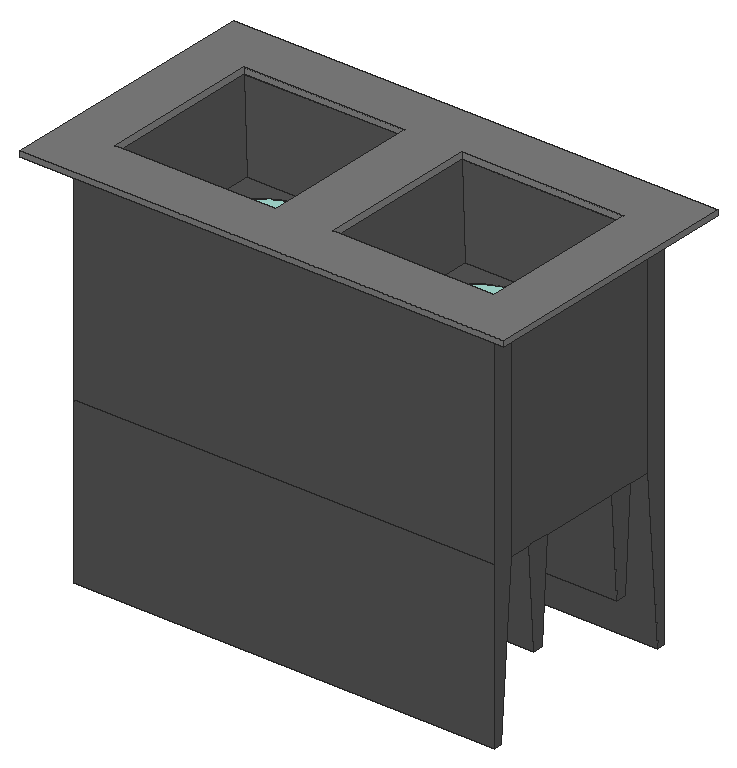
Revit family "Bitpop 2.1A", category Lighting Fixtures, host Face, Revit 2017
Family settings
  Host = Face
  Round Connector Dimension = Use Diameter
  Part Type = Normal
  Cut with Voids When Loaded = Yes
  Light Source = Yes
  Shared = No
  Room Calculation Point = Yes
Parameters (values of type "Bitpop 2.1_ F 30° (3000K 15W 230Vac)")
  Wiring = "-"
  Width mm = 49 mm
  Weight kg = "0.35"
  Wattage = 6.46282 W
  built-in parameter 1150110 = 1 (stored number, unit not read)
  Voltage = 230 V
  URL Technical sheet = "https://www.lucelight.it/media/prodotti/st/ST_BITPOP_21.pdf"
  URL Image = "https://www.lucelight.it/media/prodotti/foto/bitpop_2.1_still.jpg"
  URL IES Photometric file = "https://www.lucelight.it/media/prodotti/fotometrie/bitpop_2.1_ies.zip"
  URL General code = "https://www.lucelight.it/en/prodotto.php/106930#a-generacodice"
  URL Description = "https://www.lucelight.it/en/capitolato.php/106930"
  URL DXF = "https://www.lucelight.it/media/prodotti/dxf/bitpop_2.1.dxf"
  URL Catalogue = "https://www.lucelight.it/media/prodotti/brochure/bitpop_brochure_en.pdf"
  URL Accessories and power supply units = "https://www.lucelight.it/en/prodotto.php/106930#a-scheda-accessori"
  URL = "https://www.lucelight.it/en/prodotto.php/106930"
  built-in parameter 1114217 = 1 (stored number, unit not read)
  Tilt Angle = 90.00°
  built-in parameter 1150109 = 1 (stored number, unit not read)
  built-in parameter 1150134 = (empty or 0)
  built-in parameter 1150113 = 1 (stored number, unit not read)
  Photometric Web File = "BITPOP 2.1 F 30° [3000K 15W 230Vac].IES"
  Model = "Bitpop 2.1"
  Manufacturer = "L&L Luce&Light"
  built-in parameter 1150105 = 76.394 (stored number, unit not read)
  Lumens = 960 lm
  built-in parameter 1150115 = 1 (stored number, unit not read)
  built-in parameter 1150137 = (empty or 0)
  built-in parameter 1150139 = (empty or 0)
  built-in parameter 1150112 = 1 (stored number, unit not read)
  built-in parameter 1150114 = 1 (stored number, unit not read)
  built-in parameter 1150132 = 2
  built-in parameter 1150102 = (empty or 0)
  built-in parameter 1150107 = 3000 (stored number, unit not read)
  built-in parameter 1150138 = (empty or 0)
  built-in parameter 1150106 = 0.76394 (stored number, unit not read)
  Geometry = Bitpop2.1_mod : Bitpop 2.1
  Trim = L&L_Steel
  Power supply unit = "included and wired"
  Power supply = "230Vac"
  Power cables = "includes 0.30 m cable"
  Power = "15W (also available: 10W - ref. URL Technical sheet)"
  Optics = "30°"
  Notes = "ceiling-mounted version Bitpop C"
  No. and type of led = "2 high-intensity power LEDs"
  Mounting = "recessed (ceiling: flush or deep set)"
  Material = "body in black anodized aluminium trim in steel"
  Lumen output at source = "700 lm (3000K, 10W); 960 lm (3000K, 15W)"
  Lens = L&L_Lens
  Length mm = 89 mm
  LED Colour = "3000K (also available: 2700K and 4000K - ref. URL Technical sheet)"
  IP = "40; 44 installed"
  Height void = 42 mm
  Length void = 83 mm
  Width void = 42 mm
  Height mm = 71 mm
  Features = "UGR < 10 for 17° and 30° optics"
  Energy efficiency class = "A A+ A++"
  Emit from Line Length = 609.6 mm
  built-in parameter 1150104 = 13.8 (stored number, unit not read)
  Dimming Lamp Color Temperature Shift = <None>
  Description = "Indoor recessed"
  Delivered lumen output = "496 lm (3000K, 30°, 10W); 670 lm (3000K, 30°, 15W)"
  Default Elevation = 1219.2 mm
  Cutout dimensions = "83x42 mm"
  Control system = "on/off; 1-10V + PUSH; DALI + PUSH"
  Contact = "T: +39 0444 360571; E: lucelight@lucelight.it"
  Company = "L&L Luce&Light"
  Color Filter = 16777215
  Code = "BP2110 B White; BP2110 N Black; BP2111 B White; BP2111 N Black"
  CRI = "90 (also available: CRI 80 - ref. URL Technical sheet)"
  Body = L&L_Black anodized aluminium
  built-in parameter 1114218 = 1 (stored number, unit not read)
  built-in parameter 1150133 = 10 (stored number, unit not read)
  Apparent Load Phase 1 = 15 W
Types (8, lengths in mm): name | Photometric Web File | Model | Geometry | Optics | LED Colour | Length void | Width void
  Bitpop 2.1_ F 30° (3000K 15W 230Vac) | "BITPOP 2.1 F 30° [3000K 15W 230Vac].IES" | "Bitpop 2.1" | Bitpop2.1_mod : Bitpop 2.1 | "30°" | "3000K (also available: 2700K and 4000K - ref. URL Technical sheet)" | 83 | 42
  Bitpop 2.1_ L 42° (3000K 15W 230Vac) | "BITPOP 2.1 L 42° [3000K 15W 230Vac].IES" | "Bitpop 2.1" | Bitpop2.1_mod : Bitpop 2.1 | "42°" | "3000K (also available: 2700K and 4000K - ref. URL Technical sheet)" | 83 | 42
  Bitpop 2.1_ S 17° (3000K 15W 230Vac) | "BITPOP 2.1 S 17° [3000K 15W 230Vac].IES" | "Bitpop 2.1" | Bitpop2.1_mod : Bitpop 2.1 | "17°" | "3000K (also available: 2700K and 4000K - ref. URL Technical sheet)" | 83 | 42
  Bitpop 2.1_ W 17°x45° (3000K 15W 230Vac) | "BITPOP 2.1 W 17°x45° [3000K 15W 230Vac].IES" | "Bitpop 2.1" | Bitpop2.1_mod : Bitpop 2.1 | "17°x45°" | "3000K (also available: 2700K and 4000K - ref. URL Technical sheet)" | 83 | 42
  Bitpop 2.1_Recessed_ F 30° (3000K 15W 230Vac) | "BITPOP 2.1 F 30° [3000K 15W 230Vac].IES" | "Bitpop 2.1_Recessed" | Bitpop2.1_Recessed_mod : Bitpop 2.1 recessed | "30°" | "3000K (also available: 2700K and 4000K - ref. URL Technical sheet)" | 93 | 53
  Bitpop 2.1_Recessed_ L 42° (3000K 15W 230Vac) | "BITPOP 2.1 L 42° [3000K 15W 230Vac].IES" | "Bitpop 2.1_Recessed" | Bitpop2.1_Recessed_mod : Bitpop 2.1 recessed | "42°" | "3000K (also available: 2700K and 4000K - ref. URL Technical sheet)" | 93 | 53
  Bitpop 2.1_Recessed_ S 17° (3000K 15W 230Vac) | "BITPOP 2.1 S 17° [3000K 15W 230Vac].IES" | "Bitpop 2.1_Recessed" | Bitpop2.1_Recessed_mod : Bitpop 2.1 recessed | "17°" | "3000K (also available: 2700K and 4000K - ref. URL Technical sheet)" | 93 | 53
  Bitpop 2.1_Recessed_ W 17°x45° (3000K 15W 230Vac) | "BITPOP 2.1 W 17°x45° [3000K 15W 230Vac].IES" | "Bitpop 2.1_Recessed" | Bitpop2.1_Recessed_mod : Bitpop 2.1 recessed | "17°x45°" | "3000K (also available: 2700K and 4000K - ref. URL Technical sheet)" | 93 | 53
Reference planes
  plane 1 "Center (Front/Back)": y = 0
  plane 2: z = 0
  plane 3 "Center (Left/Right)": x = 0
  plane 4: x = -41.5
  plane 5: x = 41.5
  plane 6: y = 21
  plane 7: y = -21
  plane 8: z = -42
Forms (mm)
  Extrusion 1, void
    sketch origin (-11.1, 1.1, 0) x (1, 0, 0) y (0, 1, 0)
      loop
        line (-30.4, 19.9) -> (-30.4, -22.1) -> (52.6, -22.1) -> (52.6, 19.9) -> (-30.4, 19.9)
    from 0 to -42
Dimensions and locks
  "Length void": plane 4 to plane 5
  "Width void": plane 7 to plane 6
  "Height void": plane 8 to plane 2
  equal spacing: plane 4, plane 3 "Center (Left/Right)", plane 5
  equal spacing: plane 7, plane 1 "Center (Front/Back)", plane 6
  aligned and locked: plane 2 to host face
  aligned and locked: level to host face
  aligned and locked: plane 2 to Extrusion 1
  aligned and locked: plane 8 to Extrusion 1
  aligned and locked: Extrusion 1 to plane 6
  aligned and locked: plane 7 to Extrusion 1
  aligned and locked: Extrusion 1 to plane 4
  aligned and locked: plane 5 to Extrusion 1
Automatic sketch dimensions
  host sketch curve to host sketch curve = 2438.4 mm  (x2)
  Extrusion 1 sketch curve to plane 4 = 0 mm
  Extrusion 1 sketch curve to plane 7 = 0 mm
  Extrusion 1 sketch curve to plane 6 = 0 mm
  Extrusion 1 sketch curve to plane 5 = 0 mm
Nested families
  nested 1: "Bitpop2.1_mod" at (-44.5, 0, -70), type <- "Geometry", type "Bitpop 2.1"
Connectors
  electrical at (0, 0, 0), driven by "Voltage", driven by "Apparent Load Phase 1"
    settings: index 1, voltage 230 V, apparent load 0 VA, apparent load phase1 15 VA, apparent load phase2 0 VA, apparent load phase3 0 VA, power factor 1, load classification "Other", number of poles 1, system type 31, power factor state 1, is connector primary yes, connector utility no, sub classification motor no, connector description ""
Definition of nested family "Bitpop2.1_mod"
  Parameters (values of type "Bitpop 2.1")
    Wings length 1.2 = 93 mm
    Wings 1.1 = no
    Wings 1.0 = yes
    Width box = 39 mm
    Width = 49 mm
    Void Offset y = 3.5 mm
    Trim = none
    Offset Void = 1 mm
    Offset = 5.8 mm
    N° Copies = 2
    Light source position 2 = 928 mm
    Light Source Position = 929 mm
    Lens = none
    Length wings 1.1 = 52 mm
    Length Wings = 77.4 mm
    External box = no
    Center position = 400 mm - Length cover plate / 2  # 355.5 mm
    Length cover plate = 89 mm
    Default Elevation = 1219.2 mm
    Body = none
  Reference planes
    plane 1 "Light Source Axis (F/B)": y = 0
    plane 2: z = 0
    plane 3: x = 0
    plane 4 "Light Source Elevation": z = 71
    plane 5: x = -400
    plane 6: z = 1000
    plane 7: y = 24.5
    plane 8: y = -24.5
    plane 9: x = 89
    plane 10: y = 19.5
    plane 11: y = -19.5
    plane 12: x = 5.8
    plane 13: x = 83.2
    plane 14 "Light Source Axis (L/R)": x = 44.5
    plane 15: x = -84.1
    plane 16: x = 5
    plane 17: x = 3.967
    plane 18: x = 84
    plane 19: x = 84.965
    plane 20: z = 70
    plane 21: z = 55
    plane 22: z = 54
    plane 23: z = 57.889
    plane 24: z = 50.979
    plane 25: z = 29.6
    plane 26: z = 72
  Forms (mm)
    Extrusion 1, solid, material <- "Trim", detail levels medium+fine
      sketch origin (0, 0, 0) x (1, 0, 0) y (0, 1, 0)
        loop
          line (0, 24.5) -> (0, -24.5) -> (89, -24.5) -> (89, 24.5) -> (0, 24.5)
      from 70 to 71
    Extrusion 2, solid, material <- "Body", detail levels medium+fine
      sketch origin (1, -6.552, 71) x (0, -1, 0) y (0, 0, 1)
        loop
          line (12.948, -1) -> (-26.052, -1) -> (-26.052, -41.4) -> (12.948, -41.4) -> (12.948, -1)
      from -82.2 to -4.8
    Extrusion 3, solid, material <- "Body", detail levels fine
      sketch origin (2, -7.152, -67.409) x (0, -1, 0) y (0, 0, 1)
        loop
          line (-26.652, 97.309) -> (-26.652, 67.04) -> (-25.152, 67.04) -> (-22.997, 97.009) -> (-22.997, 137.409) -> (-26.652, 137.409) -> (-26.652, 97.309)
      from -81.2 to -3.8
    Extrusion 4, solid, material <- "Body", detail levels fine
      sketch origin (18.9, -6.552, 71) x (0, -1, 0) y (0, 0, 1)
        loop
          line (-15.123, -59.404) -> (-14.052, -41.4) -> (-18.094, -41.4) -> (-16.929, -59.404) -> (-15.123, -59.404)
      from -64.3 to 13.1
    Extrusion 5, solid, material <- "Body", detail levels fine
      sketch origin (18.9, 6.552, 71) x (0, 1, 0) y (0, 0, -1)
        loop
          line (-15.123, 59.404) -> (-16.929, 59.404) -> (-18.094, 41.4) -> (-14.052, 41.4) -> (-15.123, 59.404)
      from -64.3 to 13.1
    Blend 6, void
      base sketch origin (0, 0, 0) x (1, 0, 0) y (0, 1, 0)
        loop
          line (9.671, 14.83) -> (9.671, -14.829) -> (39.33, -14.829) -> (39.33, 14.83) -> (9.671, 14.83)
      top sketch origin (0, 0, 0) x (1, 0, 0) y (0, 1, 0)
        loop
          line (12.387, 12.113) -> (12.387, -12.114) -> (36.614, -12.114) -> (36.614, 12.113) -> (12.387, 12.113)
      from 71 to 55
    Blend 7, void
      base sketch origin (40.1, 0, 0) x (1, 0, 0) y (0, 1, 0)
        loop
          line (9.671, 14.83) -> (9.671, -14.829) -> (39.33, -14.829) -> (39.33, 14.83) -> (9.671, 14.83)
      top sketch origin (40.1, 0, 0) x (1, 0, 0) y (0, 1, 0)
        loop
          line (12.387, 12.113) -> (12.387, -12.114) -> (36.614, -12.114) -> (36.614, 12.113) -> (12.387, 12.113)
      from 71 to 55
    Extrusion 8, void
      sketch origin (0, 0, 6.842) x (1, 0, 0) y (0, 1, 0)
        loop
          circle (24.5, 0) r 10.7
      from 44.137 to 48.158
    Extrusion 9, void, not visible
      sketch origin (0, 0, 6.842) x (1, 0, 0) y (0, 1, 0)
        loop
          circle (24.5, 0) r 10.7
      from 44.137 to 48.158
    Extrusion 10, void
      sketch origin (40.1, 0, 6.842) x (1, 0, 0) y (0, 1, 0)
        loop
          circle (24.5, 0) r 10.7
      from 44.137 to 48.158
    Extrusion 11, solid, material <- "Lens", detail levels medium+fine
      sketch origin (0, 0, 0) x (1, 0, 0) y (0, 1, 0)
        loop
          circle (24.5, 0) r 10.7
      from 54 to 55
    Extrusion 12, solid, material <- "Lens", detail levels medium+fine
      sketch origin (40.1, 0, 0) x (1, 0, 0) y (0, 1, 0)
        loop
          circle (24.5, 0) r 10.7
      from 54 to 55
    Extrusion 13, solid, material <- "Body", detail levels coarse
      sketch origin (0, -125, 0) x (1, 0, 0) y (0, 1, 0)
        loop
          line (0, 149.5) -> (0, 100.5) -> (89, 100.5) -> (89, 149.5) -> (0, 149.5)
      from 0 to 72
    Extrusion 14, solid, material <- "Body", detail levels medium
      sketch origin (0, 0, 0) x (1, 0, 0) y (0, 1, 0)
        loop
          line (5.8, 19.5) -> (5.8, -19.5) -> (83.2, -19.5) -> (83.2, 19.5) -> (5.8, 19.5)
      from 0 to 29.6
    Extrusion 15, solid, material <- "Body", detail levels fine
      sketch origin (2, 7.152, -67.409) x (0, 1, 0) y (0, 0, -1)
        loop
          line (-26.652, -97.309) -> (-26.652, -137.409) -> (-22.997, -137.409) -> (-22.997, -97.009) -> (-25.152, -67.04) -> (-26.652, -67.04) -> (-26.652, -97.309)
      from -81.2 to -3.8
  Cuts and joins
    Blend 6, Blend 7 cuts Extrusion 1
    Blend 6, Blend 7, Extrusion 8, Extrusion 10 cuts Extrusion 2
  Dimensions and locks
    equal spacing: plane 7, plane 1 "Light Source Axis (F/B)", plane 8, locked at 24.5 each
    "Width": plane 7 to plane 8
    "Length cover plate": plane 3 to plane 9
    equal spacing: plane 10, plane 1 "Light Source Axis (F/B)", plane 11
    "Width box": plane 10 to plane 11
    "Light Source Position": plane 6 to plane 4 "Light Source Elevation"
    "Offset": plane 3 to plane 12
    "Offset": plane 13 to plane 9
    plane 5 to plane 14 "Light Source Axis (L/R)" = 444.5 mm
    locked: plane 12 to plane 16 at 0.8
    locked: plane 17 to plane 16 at 1.033
    locked: plane 18 to plane 13 at 0.8
    locked: plane 19 to plane 18 at 0.965
    plane 20 to plane 4 "Light Source Elevation" = 1 mm
    locked: plane 22 to plane 21 at 1
    locked: plane 21 to plane 20 at 15
    group 1 to group 2 = 40.1 mm
    group 1 to group 2 = 0 mm  (x2)
    locked: plane 21 to plane 4 "Light Source Elevation" at 16
    locked: plane 24 to plane 23 at 6.91
    locked: plane 23 to plane 4 "Light Source Elevation" at 13.111
    plane 25 to level = 29.6 mm
    equal spacing: plane 3, plane 14 "Light Source Axis (L/R)", plane 9
    plane 4 "Light Source Elevation" to plane 26 = 1 mm
    "Light source position 2": plane 26 to plane 6
    aligned and locked: level to plane 2
    aligned and locked: plane 3 to Extrusion 1 sketch curve
    aligned and locked: plane 8 to Extrusion 1 sketch curve
    aligned and locked: Extrusion 1 sketch curve to plane 9
    aligned and locked: plane 4 "Light Source Elevation" to Extrusion 1
    aligned and locked: Extrusion 2 to Extrusion 1
    aligned and locked: Extrusion 3 to Extrusion 1
    aligned and locked: Extrusion 4 sketch curve to Extrusion 2
    aligned and locked: Extrusion 5 to Extrusion 2
    aligned and locked: Extrusion 3 to plane 12
    aligned and locked: Extrusion 3 to Extrusion 4
    aligned and locked: Extrusion 3 to Extrusion 5
    aligned and locked: plane 13 to Extrusion 3
    aligned and locked: Extrusion 4 to Extrusion 3
    aligned and locked: Extrusion 5 to Extrusion 3
    aligned and locked: Extrusion 2 to Extrusion 3  (x2)
    aligned and locked: Extrusion 1 to plane 20
    aligned and locked: Blend 6 to plane 4 "Light Source Elevation"
    aligned and locked: plane 21 to Blend 6
    aligned and locked: plane 4 "Light Source Elevation" to cut or joined group of Extrusion 1, Blend 6, Blend 7
    aligned and locked: Blend 7 to plane 4 "Light Source Elevation"
    aligned and locked: cut or joined group of Extrusion 2, Blend 6, Blend 7, Extrusion 8, Extrusion 10 to plane 21  (x6)
    aligned and locked: plane 21 to cut or joined group of Extrusion 2, Blend 6, Blend 7, Extrusion 8, Extrusion 10  (x2)
    aligned and locked: Extrusion 8 to plane 24
    aligned and locked: plane 24 to Extrusion 8  (x4)
    aligned and locked: Extrusion 8 to plane 21
    aligned and locked: cut or joined group of Extrusion 2, Blend 6, Blend 7, Extrusion 8, Extrusion 10 to plane 24  (x3)
    aligned and locked: Extrusion 11 to plane 21
    aligned and locked: plane 22 to Extrusion 11
    aligned and locked: Extrusion 2 to plane 25
    aligned and locked: plane 26 to Extrusion 13
    aligned and locked: plane 13 to Extrusion 14
    aligned and locked: Extrusion 14 to plane 12
    aligned and locked: Extrusion 14 to cut or joined group of Extrusion 2, Blend 6, Blend 7, Extrusion 8, Extrusion 10
  Automatic sketch dimensions
    Blend 6 sketch curve to Blend 6 sketch curve = 29.659 mm  (x2)
    Blend 6 sketch curve to Blend 6 sketch curve = 24.227 mm  (x2)
    Blend 7 sketch curve to Blend 7 sketch curve = 29.659 mm  (x2)
    Blend 7 sketch curve to Blend 7 sketch curve = 24.227 mm  (x2)
    Extrusion 11 sketch curve to Extrusion 11 sketch curve = 10.7 mm
    Extrusion 12 sketch curve to Extrusion 12 sketch curve = 10.7 mm
    Extrusion 11 sketch curve to Extrusion 11 sketch curve = 0 mm  (x2)
    Extrusion 12 sketch curve to Extrusion 12 sketch curve = 0 mm  (x2)
    Extrusion 1 sketch curve to plane 7 = 0 mm
    Extrusion 2 sketch curve to plane 10 = 0 mm
    Extrusion 2 sketch curve to plane 11 = 0 mm
    Extrusion 2 sketch curve to plane 25 = 0 mm
    Extrusion 2 sketch curve to plane 20 = 0 mm
    Extrusion 13 sketch curve to plane 3 = 0 mm
    Extrusion 13 sketch curve to plane 8 = 0 mm
    Extrusion 13 sketch curve to plane 9 = 0 mm
    Extrusion 13 sketch curve to plane 7 = 0 mm
    Extrusion 14 sketch curve to plane 11 = 0 mm
    Extrusion 14 sketch curve to plane 12 = 0 mm
    Extrusion 14 sketch curve to plane 13 = 0 mm
    Extrusion 14 sketch curve to plane 10 = 0 mm
    Extrusion 15 sketch curve to plane 11 = 0 mm
    Extrusion 15 sketch curve to plane 20 = 0 mm
    Extrusion 15 sketch curve to plane 25 = 0 mm
    Extrusion 15 sketch curve to Extrusion 15 sketch curve = 3.656 mm
    plane 25 to Extrusion 15 sketch curve = 0.3 mm
    Extrusion 15 sketch curve to level = 0.369 mm
    Extrusion 15 sketch curve to Extrusion 15 sketch curve = 1.5 mm
    Extrusion 5 sketch curve to plane 25 = 0 mm
    plane 11 to Extrusion 5 sketch curve = 7.958 mm
    plane 11 to Extrusion 5 sketch curve = 9.123 mm
    level to Extrusion 5 sketch curve = 11.596 mm
    Extrusion 5 sketch curve to Extrusion 5 sketch curve = 1.807 mm
    Extrusion 5 sketch curve to Extrusion 5 sketch curve = 4.042 mm
    Extrusion 4 sketch curve to plane 1 "Light Source Axis (F/B)" = 8.57 mm
    Extrusion 4 sketch curve to plane 1 "Light Source Axis (F/B)" = 7.5 mm
    level to Extrusion 4 sketch curve = 11.596 mm
    Extrusion 4 sketch curve to Extrusion 4 sketch curve = 1.807 mm
    Extrusion 4 sketch curve to Extrusion 4 sketch curve = 4.042 mm
    Extrusion 3 sketch curve to plane 10 = 0 mm
    Extrusion 3 sketch curve to plane 20 = 0 mm
    Extrusion 3 sketch curve to plane 25 = 0 mm
    Extrusion 3 sketch curve to Extrusion 3 sketch curve = 3.656 mm
    plane 25 to Extrusion 3 sketch curve = 0.3 mm
    Extrusion 3 sketch curve to level = 0.369 mm
    Extrusion 3 sketch curve to Extrusion 3 sketch curve = 1.5 mm
    radius of Extrusion 8 sketch curve = 10.7 mm
    radius of Extrusion 9 sketch curve = 10.7 mm
    radius of Extrusion 10 sketch curve = 10.7 mm
